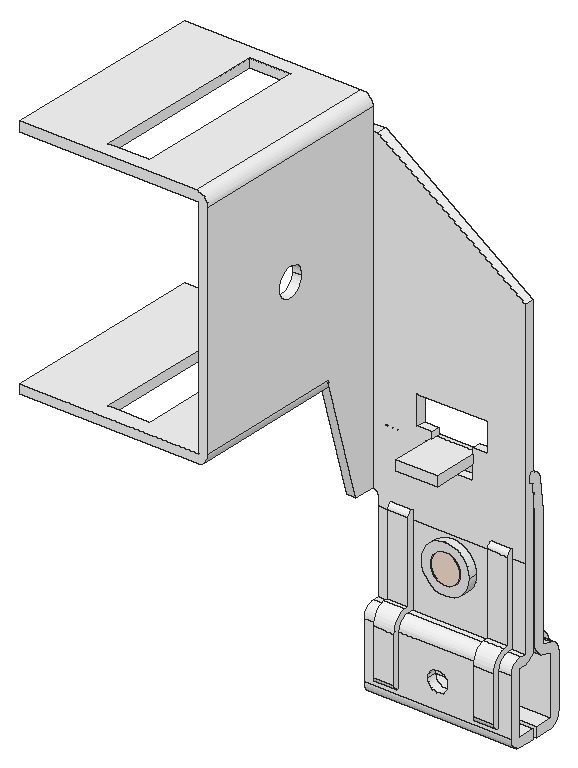
Revit family "cthanger_h38_right", category 機械設備, Revit 2022
Family settings
  丸型コネクタ寸法 = 直径を使用
  種別 = なし
  パーツ タイプ = 標準
  作業面ベース = いいえ
  常に垂直 = はい
  ロード時にボイドで切り取り = いいえ
  注釈の向きを維持 = いいえ
  共有 = いいえ
  部屋計算ポイント = いいえ
Parameters
  製造元 = "株式会社桐井製作所"
  既定の高さ = 0 mm
  URL = "https://www.kirii.co.jp/"
  K_材質 = "溶融亜鉛めっき鋼板及び鋼帯 SGCC 一般用"
  K_品名 = "CTハンガーH＝38アキ右"
  K_名称 = "CTハンガー"
  K_入数 = "170"
  K_備考 = "対象Tバー：eT4025、eAT4025"
  K_バージョン情報 = "20220915"
  K_めっき付着量 = "Z12"
  K_JIS規格 = "JIS G 3302"
Reference planes
  plane 1 "中心(正面/背面)": y = 0
  plane 2: z = 0
  plane 3 "中心(左/右)": x = 0
Forms (mm)
  Extrusion 1, void
    sketch origin (0, 0.4, 0) x (1, 0, 0) y (0, 0, 1)
      loop
        line (-13.5, 14.356) -> (-15.1, 14.356) -> (-15.1, -15.644) -> (-12.5, -15.644) -> (-12.5, 13.356)
        arc (-12.5, 13.356) -> (-12.793, 14.063) -> (-13.5, 14.356) r 1
    from -4.2 to 5.8
  Extrusion 2, void
    sketch origin (0, -42.1, 50.967) x (1, 0, 0) y (0, 0, -1)
      loop
        line (-3.5, 25.623) -> (-3.5, 27.785) -> (-12.5, 27.785) -> (-12.5, 25.623) -> (-3.5, 25.623)
      loop
        line (12.5, 25.156) -> (12.5, 27.792) -> (3.5, 27.792) -> (3.5, 25.156) -> (12.5, 25.156)
    from 32.6 to 41.492
  Extrusion 3, void
    sketch origin (0, 1.2, 0.909) x (-1, 0, 0) y (0, 0, -1)
      loop
        circle (0, -6.373) r 2.5
    from -0.8 to 4.2
  Extrusion 4, solid, material "05吊り材"
    sketch origin (0, -1.2, 0) x (0, -1, 0) y (0, 0, 1)
      loop
        line (1.8, -3.544) -> (1.8, -14.044) -> (-1.2, -14.044) -> (-1.2, -15.644) -> (1.4, -15.644)
        arc (1.4, -15.644) -> (2.814, -15.058) -> (3.4, -13.644) r 2
        line (3.4, -13.644) -> (3.4, -3.944)
        arc (3.4, -3.944) -> (2.814, -2.53) -> (1.4, -1.944) r 2
        line (1.4, -1.944) -> (0.4, -1.944) -> (0.4, 11.856) -> (0.4, 68.759) -> (-1.2, 68.759) -> (-1.2, -1.544)
        arc (-1.2, -1.544) -> (-0.614, -2.958) -> (0.8, -3.544) r 2
        line (0.8, -3.544) -> (1.8, -3.544)
    from -12.5 to 15.1
  Extrusion 5, solid, material "05吊り材"
    sketch origin (16, -1.2, 0) x (0, -1, 0) y (0, 0, 1)
      loop
        arc (1.3, 12.456) -> (1.036, 13.093) -> (0.4, 13.356) r 0.9
        line (0.4, 13.356) -> (0.4, -1.944) -> (1.4, -1.944)
        arc (1.4, -1.944) -> (2.814, -2.53) -> (3.4, -3.944) r 2
        line (3.4, -3.944) -> (3.4, -12.644)
        arc (3.4, -12.644) -> (4.036, -12.38) -> (4.3, -11.744) r 0.9
        line (4.3, -11.744) -> (4.3, -3.944)
        arc (4.3, -3.944) -> (3.685, -2.14) -> (2.095, -1.087) r 2.953
        line (2.095, -1.087) -> (1.3, -1.087) -> (1.3, 12.456)
      loop
        line (-4, -1.245) -> (-5.318, -1.633)
        arc (-5.318, -1.633) -> (-6.822, -2.678) -> (-7.4, -4.415) r 2.9
        line (-7.4, -4.415) -> (-7.4, -11.844)
        arc (-7.4, -11.844) -> (-7.166, -12.409) -> (-6.6, -12.644) r 0.8
        line (-6.6, -12.644) -> (-6.6, -4.415)
        arc (-6.6, -4.415) -> (-6.181, -3.157) -> (-5.093, -2.4) r 2.1
        line (-5.093, -2.4) -> (-3.2, -1.844) -> (-3.2, 14.356)
        arc (-3.2, 14.356) -> (-3.766, 14.122) -> (-4, 13.556) r 0.8
        line (-4, 13.556) -> (-4, -1.245)
    from 5.75 to 9.25
  Extrusion 6, solid, material "05吊り材"
    sketch origin (0, -1.2, 0) x (0, -1, 0) y (0, 0, 1)
      loop
        line (-5, -4.041) -> (-3.107, -3.484)
        arc (-3.107, -3.484) -> (-2.019, -2.728) -> (-1.6, -1.47) r 2.1
        line (-1.6, -1.47) -> (-1.6, 18.356) -> (-1.1, 23.256)
        arc (-1.1, 23.256) -> (-0.954, 23.61) -> (-0.6, 23.756) r 0.5
        line (-0.6, 23.756) -> (7.9, 23.756) -> (7.9, 25.343) -> (-0.6, 25.343)
        arc (-0.6, 25.343) -> (-1.932, 24.867) -> (-2.659, 23.655) r 2.1
        line (-2.659, 23.655) -> (-3.2, 18.356) -> (-3.2, -1.844) -> (-5.093, -2.4)
        arc (-5.093, -2.4) -> (-6.181, -3.157) -> (-6.6, -4.415) r 2.1
        line (-6.6, -4.415) -> (-6.6, -13.544)
        arc (-6.6, -13.544) -> (-5.985, -15.029) -> (-4.5, -15.644) r 2.1
        line (-4.5, -15.644) -> (-2, -15.644) -> (-2, -14.044) -> (-5, -14.044) -> (-5, -4.041)
    from -12.5 to 12.5
  Extrusion 7, solid, material "05吊り材"
    sketch origin (-1, -1.2, 0) x (0, -1, 0) y (0, 0, 1)
      loop
        arc (1.3, 12.456) -> (1.036, 13.093) -> (0.4, 13.356) r 0.9
        line (0.4, 13.356) -> (0.4, -1.944) -> (1.4, -1.944)
        arc (1.4, -1.944) -> (2.814, -2.53) -> (3.4, -3.944) r 2
        line (3.4, -3.944) -> (3.4, -12.644)
        arc (3.4, -12.644) -> (4.036, -12.38) -> (4.3, -11.744) r 0.9
        line (4.3, -11.744) -> (4.3, -3.944)
        arc (4.3, -3.944) -> (3.685, -2.14) -> (2.095, -1.087) r 2.953
        line (2.095, -1.087) -> (1.3, -1.087) -> (1.3, 12.456)
      loop
        line (-4, -1.245) -> (-5.318, -1.633)
        arc (-5.318, -1.633) -> (-6.822, -2.678) -> (-7.4, -4.415) r 2.9
        line (-7.4, -4.415) -> (-7.4, -11.844)
        arc (-7.4, -11.844) -> (-7.166, -12.409) -> (-6.6, -12.644) r 0.8
        line (-6.6, -12.644) -> (-6.6, -4.415)
        arc (-6.6, -4.415) -> (-6.181, -3.157) -> (-5.093, -2.4) r 2.1
        line (-5.093, -2.4) -> (-3.2, -1.844) -> (-3.2, 14.356)
        arc (-3.2, 14.356) -> (-3.766, 14.122) -> (-4, 13.556) r 0.8
        line (-4, 13.556) -> (-4, -1.245)
    from 5.75 to 9.25
  Extrusion 8, solid, material "05吊り材"
    sketch origin (16, -1.2, 0) x (0, -1, 0) y (0, 0, 1)
      loop
        arc (1.3, 12.456) -> (1.036, 13.093) -> (0.4, 13.356) r 0.9
        line (0.4, 13.356) -> (0.4, -1.944) -> (1.4, -1.944)
        arc (1.4, -1.944) -> (2.814, -2.53) -> (3.4, -3.944) r 2
        line (3.4, -3.944) -> (3.4, -12.644)
        arc (3.4, -12.644) -> (4.036, -12.38) -> (4.3, -11.744) r 0.9
        line (4.3, -11.744) -> (4.3, -3.944)
        arc (4.3, -3.944) -> (3.685, -2.14) -> (2.095, -1.087) r 2.953
        line (2.095, -1.087) -> (1.3, -1.087) -> (1.3, 12.456)
      loop
        line (-4, -1.245) -> (-5.318, -1.633)
        arc (-5.318, -1.633) -> (-6.822, -2.678) -> (-7.4, -4.415) r 2.9
        line (-7.4, -4.415) -> (-7.4, -11.844)
        arc (-7.4, -11.844) -> (-7.166, -12.409) -> (-6.6, -12.644) r 0.8
        line (-6.6, -12.644) -> (-6.6, -4.415)
        arc (-6.6, -4.415) -> (-6.181, -3.157) -> (-5.093, -2.4) r 2.1
        line (-5.093, -2.4) -> (-3.2, -1.844) -> (-3.2, 14.356)
        arc (-3.2, 14.356) -> (-3.766, 14.122) -> (-4, 13.556) r 0.8
        line (-4, 13.556) -> (-4, -1.245)
    from 5.75 to 9.25
  Extrusion 9, solid, material "アルミニウム"
    sketch origin (0, -1.2, 0.846) x (-1, 0, 0) y (0, 0, 1)
      loop
        circle (0, 6.436) r 4.1
      loop
        circle (0, 6.436) r 2.499
    from -1.8 to 0
  Extrusion 10, solid, material "05吊り材"
    sketch origin (0, 0, 0) x (0, -1, 0) y (0, 0, -1)
      loop
        line (11.422, -35.956) -> (5.148, -14.356) -> (0, -14.356) -> (0, -35.956) -> (11.422, -35.956)
    from -15.1 to -13.5
  Extrusion 11, solid, material "05吊り材"
    sketch origin (0, -3.2, 17.9) x (1, 0, 0) y (0, 0, 1)
      loop
        line (-45.5, 56.456) -> (-45.5, 54.856) -> (-15.1, 54.856) -> (-15.1, 16.456) -> (-45.5, 16.456) -> (-45.5, 14.856) -> (-15.5, 14.856)
        arc (-15.5, 14.856) -> (-14.086, 15.442) -> (-13.5, 16.856) r 2
        line (-13.5, 16.856) -> (-13.5, 54.456)
        arc (-13.5, 54.456) -> (-14.086, 55.87) -> (-15.5, 56.456) r 2
        line (-15.5, 56.456) -> (-45.5, 56.456)
    from -1.6 to 33.4
  Extrusion 12, void
    sketch origin (0, -1.637, 17.9) x (0, 1, 0) y (0, 0, 1)
      loop
        circle (-17.5, 35.456) r 2.5
    from -15.1 to -13.5
  Extrusion 13, void
    sketch origin (0, -2.809, 17.9) x (1, 0, 0) y (0, 1, 0)
      loop
        line (-32.5, -1.3) -> (-32.5, -31.3) -> (-25.5, -31.3) -> (-25.5, -1.3) -> (-32.5, -1.3)
    from 54.856 to 56.456
  Extrusion 14, void
    sketch origin (0, -2.809, -22.1) x (1, 0, 0) y (0, 1, 0)
      loop
        line (-32.5, -1.267) -> (-32.5, -31.3) -> (-25.5, -31.3) -> (-25.5, -1.267) -> (-32.5, -1.267)
    from 54.856 to 56.456
  Extrusion 15, void
    sketch origin (0, -37, 0) x (-1, 0, 0) y (0, 0, -1)
      loop
        line (-6, -31.356) -> (6, -31.356) -> (6, -26.343) -> (3.5, -26.343) -> (3.5, -21.356) -> (-3.5, -21.356) -> (-3.5, -26.343) -> (-6, -26.343) -> (-6, -31.356)
    from -37 to -35
  Extrusion 16, void
    sketch origin (0, -38.6, 17.303) x (1, 0, 0) y (0, 0, -1)
      loop
        line (-12.638, -51.456) -> (12.5, -51.456) -> (12.5, -34.053) -> (-12.638, -51.456)
    from 36.6 to 38.6
  Extrusion 17, void
    sketch origin (0, 0, 0) x (1, 0, 0) y (0, 0, 1)
      loop
        circle (0, -9.144) r 1.75
    from 3 to 4.6
  Extrusion 18, void
    sketch origin (0, 8.4, 0) x (1, 0, 0) y (0, 0, 1)
      loop
        circle (0, -9.144) r 1.75
    from 3 to 4.6
Cuts and joins
  Extrusion 2, Extrusion 3, Extrusion 18 cuts Extrusion 6
  joined: Extrusion 5, Extrusion 6
  Extrusion 1, Extrusion 3, Extrusion 15, Extrusion 16, Extrusion 17, Extrusion 18 cuts Extrusion 4
  Extrusion 12, Extrusion 13, Extrusion 14 cuts Extrusion 11
  joined: Extrusion 4, Extrusion 7, Extrusion 8, Extrusion 10, Extrusion 11
Dimensions and locks
  aligned and locked: level to plane 2
Nested families
  nested 1: "直吊りハンガー用ビス" at (-0.011, 2, 7.249) x (-1, 0, 0) z (0, 0, 1), type "直吊りハンガー用ビス"
Definition of nested family "直吊りハンガー用ビス"
  Parameters (values of type "直吊りハンガー用ビス")
    Manufacturer = "株式会社桐井製作所"
    Default Elevation = 0 mm
    URL = "https://www.kirii.co.jp/"
    K_名称 = "M6×25ボルト"
  Reference planes
    plane 1 "中心(正面/背面)": y = 0
    plane 2: z = 0
    plane 3 "中心(左/右)": x = 0
    plane 4 "正面": y = -5
  Forms (mm)
    Extrusion 1, solid
      sketch origin (0, 0, 0.234) x (1, 0, 0) y (0, 0, 1)
        loop
          circle (-0.011, -0.2) r 2.5
      from 0 to -5
    Revolve 2, solid
      sketch origin (0, 0, 0) x (0, 1, 0) y (0, 0, 1)
        loop
          line (0, 0) -> (-2.299, 0) -> (-2.299, -1.966)
          arc (-2.299, -1.966) -> (-1.904, -2.921) -> (-0.949, -3.316) r 1.35
          line (-0.949, -3.316) -> (0, -3.316) -> (0, 0)
        axis (0, 0) -> (-2.299, 0)
      angle from 0 to 360
  Cuts and joins
    joined: Extrusion 1, Revolve 2
  Dimensions and locks
    aligned and locked: level to plane 2
